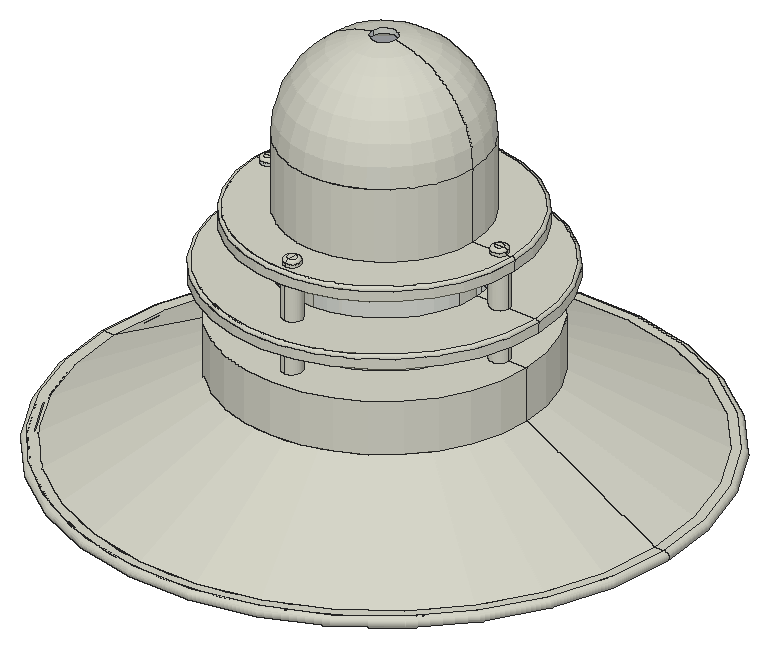
Revit family "UCR12 SHADE", category Lighting Fixtures, Revit 2024
Family settings
  Round Connector Dimension = Use Diameter
  Part Type = Normal
  OmniClass Number = 23.80.70.00
  OmniClass Title = Lighting
  Work Plane-Based = No
  Always vertical = Yes
  Cut with Voids When Loaded = No
  Light Source = Yes
  Maintain Annotation Orientation = No
  Shared = No
  Room Calculation Point = No
Parameters
  Wattage = 12.1178 W
  built-in parameter 1150110 = 1 (stored number, unit not read)
  built-in parameter 1114217 = 1 (stored number, unit not read)
  built-in parameter 1150109 = 1 (stored number, unit not read)
  built-in parameter 1150134 = (empty or 0)
  built-in parameter 1150113 = 1 (stored number, unit not read)
  Lumens = 1800 lm
  built-in parameter 1150115 = 1 (stored number, unit not read)
  built-in parameter 1150105 = 572.96 (stored number, unit not read)
  Light Source Symbol Size = 2' - 0"
  built-in parameter 1150137 = (empty or 0)
  built-in parameter 1150139 = (empty or 0)
  built-in parameter 1150112 = 1 (stored number, unit not read)
  built-in parameter 1150114 = 1 (stored number, unit not read)
  built-in parameter 1150132 = 2
  built-in parameter 1150102 = (empty or 0)
  built-in parameter 1150138 = (empty or 0)
  built-in parameter 1150107 = 3000 (stored number, unit not read)
  built-in parameter 1150106 = 5.7296 (stored number, unit not read)
  built-in parameter 1150104 = 13.8 (stored number, unit not read)
  Dimming Lamp Color Temperature Shift = (empty or 0)
  Default Elevation = 0' - 0"
  Color Filter = 16777215
  built-in parameter 1114218 = 1 (stored number, unit not read)
  built-in parameter 1150133 = 10 (stored number, unit not read)
Reference planes (in)
  plane 1 "Light Source Axis (F/B)": y = 0
  plane 2: z = 0
  plane 3 "Light Source Axis (L/R)": x = 0
  plane 4 "Light Source Elevation": z = 54
Forms (in)
  Revolve 1, solid
    sketch origin (0, 0, 0) x (1, 0, 0) y (0, 0, 1)
      loop
        line (-5.8002, 54.10625) -> (-5.68669, 54.10625) -> (-2.90625, 55.56838) -> (-2.90625, 56.53125) -> (-1.96951, 56.53125) -> (-1.96951, 56.625) -> (-3, 56.625) -> (-3, 55.625) -> (-5.70984, 54.2) -> (-5.9, 54.2)
        arc (-5.9, 54.2) -> (-5.96847, 54.02711) -> (-5.8002, 54.10625) r 0.1
      loop
        line (-3.25, 57.375) -> (-3.15625, 57.375) -> (-3.15625, 57.53125) -> (-1.96951, 57.53125) -> (-1.96951, 57.625) -> (-3.1875, 57.625)
        arc (-3.1875, 57.625) -> (-3.23169, 57.60669) -> (-3.25, 57.5625) r 0.0625
        line (-3.25, 57.5625) -> (-3.25, 57.375)
      loop
        line (-2.75, 58.375) -> (-2.65625, 58.375) -> (-2.65625, 58.53125) -> (-1.78125, 58.53125) -> (-1.78125, 60)
        arc (-1.78125, 60) -> (-1.34502, 61.16781) -> (-0.25, 61.76362) r 1.78125
        line (-0.25, 61.76362) -> (-0.25, 61.85826)
        arc (-0.25, 61.85826) -> (-1.41145, 61.23428) -> (-1.875, 60) r 1.875
        line (-1.875, 60) -> (-1.875, 58.625) -> (-2.6875, 58.625)
        arc (-2.6875, 58.625) -> (-2.73169, 58.60669) -> (-2.75, 58.5625) r 0.0625
        line (-2.75, 58.5625) -> (-2.75, 58.375)
      loop
        arc (-1.59997, 54.09997) -> (-1.13135, 52.96862) -> (0, 52.5) r 1.59997
        line (0, 52.5) -> (0, 52.59375)
        arc (0, 52.59375) -> (-1.06506, 53.03491) -> (-1.50622, 54.09997) r 1.50622
        line (-1.50622, 54.09997) -> (-1.50622, 58.50286) -> (-1.59997, 58.50286) -> (-1.59997, 54.09997)
      axis (0, 61.85826) -> (0, 52.5)
    angle from 0 to 360
  Sweep 2, solid
    path origin (0, 0, 0) x (1, 0, 0) y (0, 0, 1)
      loop
        line (-2.42975, 56.625) -> (-2.42975, 58.53125)
    profile origin (-2.42975, 0, 57.57812) x (-1, 0, 0) y (0, -1, 0)
      loop
        circle (0, 0) r 0.1875
  Revolve 3, solid
    sketch origin (0, 0, 0) x (1, 0, 0) y (0, 0, 1)
      loop
        line (-2.42975, 58.625) -> (-2.42975, 58.742) -> (-2.52759, 58.742)
        arc (-2.52759, 58.742) -> (-2.56967, 58.72457) -> (-2.58711, 58.68248) r 0.05952
        line (-2.58711, 58.68248) -> (-2.58711, 58.625) -> (-2.42975, 58.625)
      axis (-2.42975, 58.742) -> (-2.42975, 58.625)
    angle from 0 to 360
  Sweep 4, solid
    path origin (0, 0, 0) x (0, -1, 0) y (0, 0, 1)
      loop
        line (-2.42975, 56.625) -> (-2.42975, 58.53125)
    profile origin (0, 2.42975, 57.57812) x (0, 1, 0) y (-1, 0, 0)
      loop
        circle (0, 0) r 0.1875
  Revolve 5, solid
    sketch origin (0, 0, 0) x (0, -1, 0) y (0, 0, 1)
      loop
        line (-2.42975, 58.625) -> (-2.42975, 58.742) -> (-2.52759, 58.742)
        arc (-2.52759, 58.742) -> (-2.56967, 58.72457) -> (-2.58711, 58.68248) r 0.05952
        line (-2.58711, 58.68248) -> (-2.58711, 58.625) -> (-2.42975, 58.625)
      axis (-2.42975, 58.742) -> (-2.42975, 58.625)
    angle from 0 to 360
  Sweep 6, solid
    path origin (0, 0, 0) x (0, 1, 0) y (0, 0, 1)
      loop
        line (-2.42975, 56.625) -> (-2.42975, 58.53125)
    profile origin (0, -2.42975, 57.57812) x (0, -1, 0) y (1, 0, 0)
      loop
        circle (0, 0) r 0.1875
  Revolve 7, solid
    sketch origin (0, 0, 0) x (0, 1, 0) y (0, 0, 1)
      loop
        line (-2.42975, 58.625) -> (-2.42975, 58.742) -> (-2.52759, 58.742)
        arc (-2.52759, 58.742) -> (-2.56967, 58.72457) -> (-2.58711, 58.68248) r 0.05952
        line (-2.58711, 58.68248) -> (-2.58711, 58.625) -> (-2.42975, 58.625)
      axis (-2.42975, 58.742) -> (-2.42975, 58.625)
    angle from 0 to 360
  Sweep 8, solid
    path origin (0, 0, 0) x (-1, 0, 0) y (0, 0, 1)
      loop
        line (-2.42975, 56.625) -> (-2.42975, 58.53125)
    profile origin (2.42975, 0, 57.57812) x (1, 0, 0) y (0, 1, 0)
      loop
        circle (0, 0) r 0.1875
  Revolve 9, solid
    sketch origin (0, 0, 0) x (-1, 0, 0) y (0, 0, 1)
      loop
        line (-2.42975, 58.625) -> (-2.42975, 58.742) -> (-2.52759, 58.742)
        arc (-2.52759, 58.742) -> (-2.56967, 58.72457) -> (-2.58711, 58.68248) r 0.05952
        line (-2.58711, 58.68248) -> (-2.58711, 58.625) -> (-2.42975, 58.625)
      axis (-2.42975, 58.742) -> (-2.42975, 58.625)
    angle from 0 to 360
Dimensions and locks (in)
  aligned and locked: plane 3 "Light Source Axis (L/R)" to imposter light
  aligned and locked: plane 1 "Light Source Axis (F/B)" to imposter light
  aligned and locked: plane 4 "Light Source Elevation" to imposter light
  aligned and locked: level to plane 2
